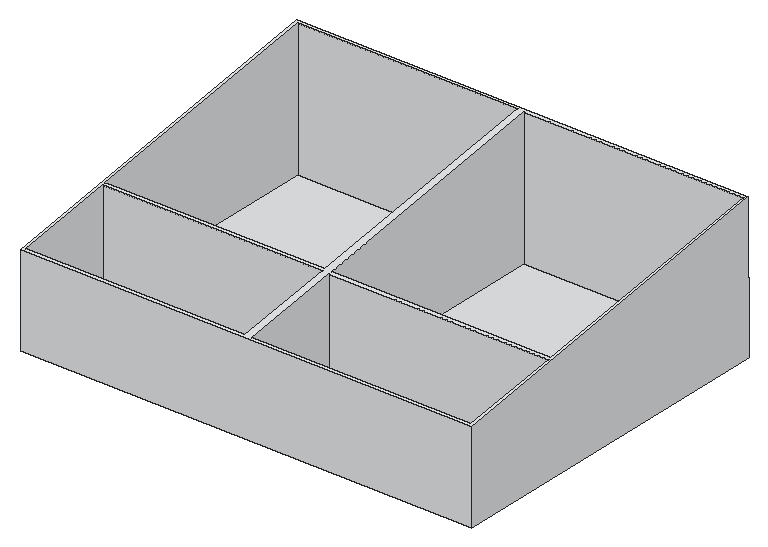
Revit family "DKTL0022_revit", category Generic Models, Revit 2017
Family settings
  Can host rebar = No
  Round Connector Dimension = Use Diameter
  Part Type = Normal
  Work Plane-Based = No
  Always vertical = Yes
  Cut with Voids When Loaded = No
  Shared = No
  Room Calculation Point = No
Parameters
  Website = "https://dolphy.in/"  # constant formula
  Contact number = "+91 9520202035"  # constant formula
  Contact email = "info@dolphy.in"  # constant formula
  Company name = "Dolphy India"  # constant formula
Reference planes
  plane 1 "Center (Front/Back)": y = 0
  plane 2: z = 0
  plane 3 "Center (Left/Right)": x = 0
  plane 4: z = 48
Forms (mm)
  Extrusion 1, solid, material "Dolphy_WHITE"
    sketch origin (-75.256, 0, 2.751) x (0, -1, 0) y (0, 0, 1)
      loop
        line (55.489, -2.751) -> (55.489, 27.249) -> (-59.511, 45.249) -> (-59.511, -2.751) -> (55.489, -2.751)
    from -150.256 to -0.256
  Extrusion 2, void
    sketch origin (0, 0, 0) x (1, 0, 0) y (0, 1, 0)
      loop
        line (-74.107, 58.684) -> (-74.107, -21.316) -> (-1.107, -21.316) -> (-1.107, 58.684) -> (-74.107, 58.684)
      loop
        line (-74.107, -22.316) -> (-74.107, -54.489) -> (-1.107, -54.489) -> (-1.107, -22.316) -> (-74.107, -22.316)
      loop
        line (74.107, 58.684) -> (1.107, 58.684) -> (1.107, -21.316) -> (74.107, -21.316) -> (74.107, 58.684)
      loop
        line (74.107, -22.316) -> (1.107, -22.316) -> (1.107, -54.489) -> (74.107, -54.489) -> (74.107, -22.316)
    from 55.916 to 2.425
Cuts and joins
  Extrusion 2 cuts Extrusion 1
Dimensions and locks
  level to plane 4 = 48 mm
  Extrusion 2 sketch curve to Extrusion 2 sketch curve = 73 mm  (x4)
  Extrusion 2 sketch curve to Extrusion 2 sketch curve = 80 mm  (x2)
  Extrusion 1 to Extrusion 2 sketch curve = 0.893 mm
  Extrusion 2 sketch curve to plane 3 "Center (Left/Right)" = 1.107 mm  (x2)
  Extrusion 1 to Extrusion 2 sketch curve = 0.827 mm  (x2)
  Extrusion 2 sketch curve to Extrusion 2 sketch curve = 32.173 mm  (x2)
  Extrusion 2 sketch curve to Extrusion 2 sketch curve = 1 mm  (x2)
  Extrusion 2 sketch curve to Extrusion 1 = 1 mm  (x2)
  cut or joined group of Extrusion 1, Extrusion 2 to cut or joined group of Extrusion 1, Extrusion 2 = 150 mm  (x2)
  cut or joined group of Extrusion 1, Extrusion 2 to cut or joined group of Extrusion 1, Extrusion 2 = 115 mm
  cut or joined group of Extrusion 1, Extrusion 2 to cut or joined group of Extrusion 1, Extrusion 2 = 73 mm
  cut or joined group of Extrusion 1, Extrusion 2 to cut or joined group of Extrusion 1, Extrusion 2 = 80 mm
  cut or joined group of Extrusion 1, Extrusion 2 to cut or joined group of Extrusion 1, Extrusion 2 = 32.173 mm
  aligned and locked: level to plane 2
